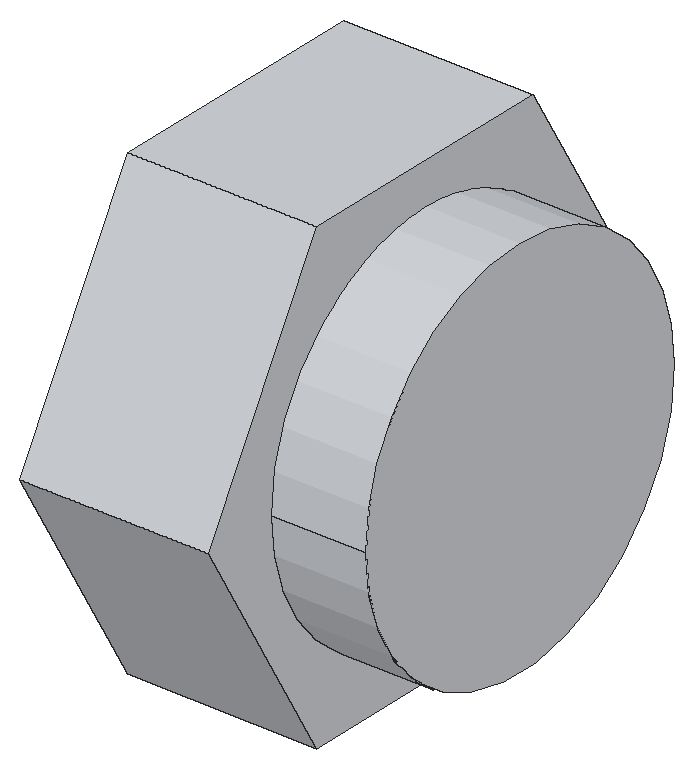
Revit family "Extensão - Rosqueada - CU", category Conexões de tubo, Revit 2019
Family settings
  Cota do conector redondo = Usar raio
  Tipo de parte = União
  Com base no plano de trabalho = Não
  Sempre na vertical = Sim
  Corte com vazios quando carregada = Não
  Compartilhado = Não
Parameters (values of type "Padrão")
  Tamanho da marca de revisão [instance] = Diâmetro externo da conexão * 0.4  # 10.4 mm
  Raio 1 [instance] = Raio externo da conexão * 1.4  # 18.2 mm
  Raio nominal [instance] = 10 mm
  Diâmetro nominal [instance] = Raio nominal * 2  # 20 mm
  Método de perda = Coeficiente K da tabela
  Nome da tabela de pesquisa = "BR_Extension - Threaded - CU"
  Comprimento 3 [instance] = Raio 1 * (1 - sin(60.00°))  # 2.438 mm
  Comprimento 2 [instance] = Raio 1 * cos(60.00°)  # 9.1 mm
  Comprimento 1 [instance] = Comprimento / 3  # 6.383 mm
  Comprimento [instance] = size_lookup(Nome da tabela de pesquisa, "Lgt", 0.22 * Diâmetro nominal + 15.1 mm, Diâmetro nominal)  # 19.15 mm
  Tabela de coeficiente K = "Redutor/Acoplamento/União/Redutor"
  Raio externo da conexão [instance] = Diâmetro externo da conexão / 2  # 13 mm
  Diâmetro externo da conexão [instance] = Diâmetro nominal * 1.3  # 26 mm
Reference planes
  plane 1 "Centro (frente/trás)": y = 0
  plane 2: z = 0
  plane 3 "Centro (direita/esquerda)": x = 0
  plane 4 "Esquerda": x = -9.575
  plane 5: x = 9.575
  plane 6: y = 10.4
  plane 7: y = -10.4
  plane 8: z = 18.2
  plane 9: y = -18.2
  plane 10: y = 18.2
  plane 11: z = -18.2
  plane 12: z = 15.762
  plane 13: y = -9.1
  plane 14: z = -15.762
  plane 15: y = 9.1
  plane 16: x = 3.192
Forms (mm)
  Extrusion 1, solid, detail levels fine
    sketch origin (-9.575, 0, 0) x (0, 1, 0) y (0, 0, 1)
      loop
        line (-9.1, -15.762) -> (9.1, -15.762) -> (18.2, 0) -> (9.1, 15.762) -> (-9.1, 15.762) -> (-18.2, 0) -> (-9.1, -15.762)
    from 0 to 12.767
  Sweep 2, solid, detail levels fine
    path origin (0, 0, 0) x (1, 0, 0) y (0, 1, 0)
      loop
        line (3.192, 0) -> (9.575, 0)
    profile origin (6.383, 0, 0) x (0, 1, 0) y (0, 0, 1)
      loop
        circle (0, 0) r 13
Cuts and joins
  joined: Extrusion 1, Sweep 2
Lines and regions (mm)
  model lines, detail levels coarse+medium
    curve 1: line (-9.575, 0, 0) -> (9.575, 0, 0)
    curve 2: line (-9.575, 10.4, 0) -> (-9.575, -10.4, 0)
    curve 3: line (9.575, 10.4, 0) -> (9.575, -10.4, 0)
Dimensions and locks
  "Comprimento": plane 4 "Esquerda" to plane 5
  "Tamanho da marca de revisão": plane 6 to plane 1 "Centro (frente/trás)"
  equal spacing: plane 6, plane 1 "Centro (frente/trás)", plane 7
  "Raio 1": plane 8 to plane 2
  "Raio 1": plane 11 to plane 2
  "Raio 1": plane 9 to plane 1 "Centro (frente/trás)"
  "Raio 1": plane 1 "Centro (frente/trás)" to plane 10
  "Comprimento 2": plane 15 to plane 10
  "Comprimento 2": plane 9 to plane 13
  "Comprimento 3": plane 8 to plane 12
  "Comprimento 3": plane 11 to plane 14
  equal spacing: plane 4 "Esquerda", plane 3 "Centro (direita/esquerda)", plane 5
  "Comprimento 1": plane 16 to plane 5
  "Raio externo da conexão": radius of Sweep 2 sketch curve
  aligned and locked: plane 4 "Esquerda" to curve 1
  aligned and locked: plane 1 "Centro (frente/trás)" to curve 1
  aligned and locked: plane 6 to curve 2
  aligned and locked: plane 7 to curve 2
  aligned and locked: curve 2 to plane 4 "Esquerda"
  aligned and locked: plane 6 to curve 3
  aligned and locked: plane 7 to curve 3
  aligned and locked: curve 3 to plane 5
  aligned and locked: Extrusion 1 sketch curve to plane 12
  aligned and locked: Extrusion 1 sketch curve to plane 14
  aligned and locked: plane 9 to Extrusion 1 sketch curve
  aligned and locked: plane 10 to Extrusion 1 sketch curve
  aligned and locked: plane 16 to Extrusion 1
  aligned and locked: plane 16 to Sweep 2 sketch curve
  aligned and locked: plane 5 to Sweep 2 sketch curve
  aligned and locked: plane 1 "Centro (frente/trás)" to Sweep 2 sketch curve
Automatic sketch dimensions
  Extrusion 1 sketch curve to level = 0 mm  (x2)
  Extrusion 1 sketch curve to plane 13 = 0 mm  (x2)
  Extrusion 1 sketch curve to plane 15 = 0 mm  (x2)
  Sweep 2 sketch curve to level = 0 mm
  Sweep 2 sketch curve to profile plane = 0 mm
Connectors
  piping at (-9.575, 0, 0), diameter 20, driven by "Raio nominal"
    settings: on cut or joined group of Extrusion 1, Sweep 2, index 1, connector inside diameter 20 mm, connector length 0 mm, flow factor 0, pipe flow 0.0 L/s, pressure drop 0.0 Pa, fitting loss kfactor 0, connector angle 0.00°, fixture units 0, engagement length 0 mm, angle of deflection 0.00°, flow configuration 0, flow direction 0, fitting loss method 0, system type 28, joint type 0, gender type 0, connector reference index 2, connector utility 0, adjustable connector no, is connector primary yes, connector description ""
  piping at (9.575, 0, 0), diameter 20, driven by "Raio nominal"
    settings: on cut or joined group of Extrusion 1, Sweep 2, index 2, connector inside diameter 20 mm, connector length 0 mm, flow factor 0, pipe flow 0.0 L/s, pressure drop 0.0 Pa, fitting loss kfactor 0, connector angle 0.00°, fixture units 0, engagement length 0 mm, angle of deflection 0.00°, flow configuration 0, flow direction 0, fitting loss method 0, system type 28, joint type 0, gender type 0, connector reference index 1, connector utility 0, adjustable connector no, is connector primary no, connector description ""
